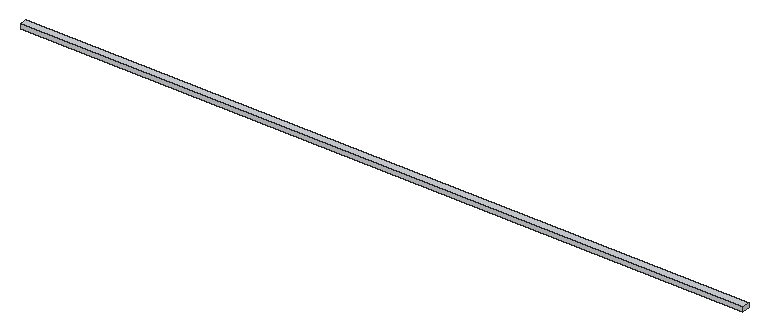
Revit family "STANDARD 5050 S2460.W.4", category Luminarias, Revit 2019
Family settings
  Cota de conector redondo = Diámetro de uso
  Tipo de pieza = Normal
  Se basa en plano de trabajo = Sí
  Siempre vertical = No
  Corte con vacíos al cargar = No
  Origen de luz = Sí
  Compartido = No
  Punto de cálculo de habitación = No
Parameters (values of type "12V STANDARD 5050 IP67_S2460.W.4")
  Tilt Angle = 60.00°
  Zone [instance] = ""
  Watt per fixture [instance] = (Longitud / 1000 mm) * (12.5)  # 12.5
  Wattage = 12.5 W
  built-in parameter 1150107 = 3000 (stored number, unit not read)
  built-in parameter 1150110 = 1 (stored number, unit not read)
  built-in parameter 1150109 = 1 (stored number, unit not read)
  built-in parameter 1150112 = 1 (stored number, unit not read)
  built-in parameter 1150113 = 1 (stored number, unit not read)
  built-in parameter 1114218 = 1 (stored number, unit not read)
  built-in parameter 1150137 = (empty or 0)
  built-in parameter 1150132 = (empty or 0)
  Modelo = "S2460.W.4"
  Lámpara = "5050 SMD"
  Longitud de línea de emisión = 600 mm
  Longitud [instance] = 1000 mm
  built-in parameter 1150105 = 87.535 (stored number, unit not read)
  built-in parameter 1150102 = (empty or 0)
  built-in parameter 1150106 = 0.87535 (stored number, unit not read)
  Lumens = 1100 lm
  Color Filter = 16777215
  built-in parameter 1114217 = 1 (stored number, unit not read)
  built-in parameter 1150139 = (empty or 0)
  Fabricante = "BRILLANT"
  Default Elevation = 0 mm
  built-in parameter 1150104 = 8.1755 (stored number, unit not read)
  Descripción = "TIRA LED STANDARD DE 10MM DE ANCHO IP67 USO PARA EXTERIORES, DE PCB BLANCO CON RECUBRIMIENTO, MONO CROMATICA, CON UNA POTENCIA DE 12.5W/M DE UN TIPO DE LED 5050 SMD, IRC80, 60 LEDS POR METRO, PRESENTACION DE 5M, TEMPERATURA EN BLANCO CALIDO 3000K, 1101 LUMENES METRO, EFICIENCIA DE 88 LM/W, CORTE A 10CM, ALIMENTADA A 12V, REQUIERE ACCESORIOS COMO FUENTE DE PODER Y CABLE DE ALIMENTACION. PERFIL EN CASO DE SER NECESARIO."
  built-in parameter 1150115 = 1 (stored number, unit not read)
  built-in parameter 1150114 = 1 (stored number, unit not read)
  Costo USD_LH60 [instance] = (Longitud / 1000 mm) * (23)  # 23
  Cost = 0
  Comentarios de vataje = "12V"
  built-in parameter 1150138 = (empty or 0)
  built-in parameter 1150134 = (empty or 0)
  Circuit [instance] = ""
  Dimming Lamp Color Temperature Shift = (empty or 0)
  Archivo de red fotométrica = "S2460.W.4_STANDARD 5050 IP67.IES"
  Ancho = 10 mm
  built-in parameter 1150133 = 10 (stored number, unit not read)
Reference planes
  plane 1 "Centro (Frontal/Posterior)": y = 0
  plane 2: z = 0
  plane 3 "Centro (Izquierda/Derecha)": x = 0
  plane 4: x = 0
  plane 5: z = 12
  plane 6: x = -1000
  plane 7: y = 5
  plane 8: y = -5
Forms (mm)
  Extrusion 1, solid
    sketch origin (0, 0, 0) x (1, 0, 0) y (0, 1, 0)
      loop
        line (-1000, 5) -> (-1000, -5) -> (0, -5) -> (0, 5) -> (-1000, 5)
    from 0 to 6.038
Dimensions and locks
  "Longitud": plane 6 to plane 4
  equal spacing: plane 7, plane 1 "Centro (Frontal/Posterior)", plane 8
  plane 7 to plane 1 "Centro (Frontal/Posterior)" = 5 mm
  "Ancho": plane 7 to plane 8
  "Longitud": plane 6 to plane 3 "Centro (Izquierda/Derecha)"
  aligned and locked: level to plane 2
  aligned and locked: Extrusion 1 to plane 4
  aligned and locked: plane 6 to Extrusion 1
  aligned and locked: plane 3 "Centro (Izquierda/Derecha)" to Extrusion 1
  aligned and locked: Extrusion 1 to plane 7
  aligned and locked: plane 8 to Extrusion 1
Automatic sketch dimensions
  Extrusion 1 sketch curve to plane 6 = 0 mm
  Extrusion 1 sketch curve to plane 3 "Centro (Izquierda/Derecha)" = 0 mm
  plane 1 "Centro (Frontal/Posterior)" to Extrusion 1 sketch curve = 5 mm
  Extrusion 1 sketch curve to plane 1 "Centro (Frontal/Posterior)" = 5 mm
Connectors
  electrical at (0, 0, 3.019)
    settings: on Extrusion 1, index 1, voltage 12 V, apparent load 0 VA, apparent load phase1 0 VA, apparent load phase2 0 VA, apparent load phase3 0 VA, power factor 1, load classification "Otro", number of poles 1, system type 31, power factor state 1, is connector primary yes, connector utility no, sub classification motor no, connector description ""
